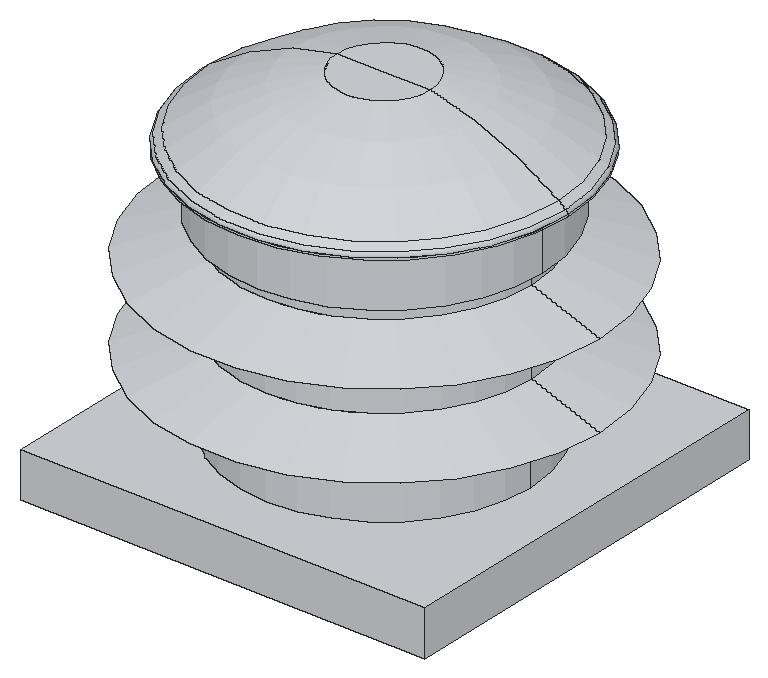
Revit family "PVVEX47-200 FULL ASSEMBLY", category Generic Models, host Face, Revit 2019
Family settings
  Host = Face
  Can host rebar = No
  Round Connector Dimension = Use Diameter
  Part Type = Normal
  Cut with Voids When Loaded = No
  Shared = No
  Room Calculation Point = No
Parameters
  Default Elevation = 48.00"
Reference planes (in)
  plane 1 "Center (Front/Back)": y = 0
  plane 2: z = 0
  plane 3 "Center (Left/Right)": x = 0
Forms (in)
  Extrusion 1, solid
    sketch origin (-69.20125, 31.17385, 0) x (1, 0, 0) y (0, 1, 0)
      loop
        line (60.20125, -22.17385) -> (60.20125, -40.17385) -> (78.20125, -40.17385) -> (78.20125, -22.17385) -> (60.20125, -22.17385)
    from 0 to 2
  Revolve 2, solid
    sketch origin (0, 0, 0) x (1, 0, 0) y (0, 0, 1)
      loop
        line (0, 2) -> (0, 16.27444) -> (-2.08175, 16.27444)
        arc (-2.08175, 16.27444) -> (-5.06058, 15.40799) -> (-7.74584, 13.85445) r 12.88076
        arc (-7.74584, 13.85445) -> (-7.90193, 13.73509) -> (-8.05618, 13.61337) r 12.88076
        arc (-8.05618, 13.61337) -> (-8.1252, 13.52649) -> (-8.14982, 13.4183) r 0.25
        line (-8.14982, 13.4183) -> (-8.14982, 13.34271) -> (-7.06477, 13.34271) -> (-7.06477, 10.73172) -> (-6.56238, 10.73172) -> (-6.56238, 10.09416) -> (-9.57727, 8.99683) -> (-6.56982, 8.99683) -> (-6.56982, 6.34695) -> (-9.57727, 5.25233) -> (-6.52982, 5.25233) -> (-6.52982, 2) -> (0, 2)
      axis (0, 16.27444) -> (0, 2)
    angle from 0 to 360
  Extrusion 3, solid
    sketch origin (-69.20125, 31.17385, 10.26) x (1, 0, 0) y (0, 1, 0)
      loop
        circle (69.20125, -31.17385) r 2
    from -13.54359 to -11.95634
  Extrusion 4, solid
    sketch origin (-69.20125, 31.17385, 10.26) x (1, 0, 0) y (0, 1, 0)
      loop
        circle (69.20125, -31.17385) r 3.5
    from -11.95634 to -10.26
Lines and regions (in)
  symbolic lines
    curve 1: line (95.99374, 156.28449, 0) -> (97.99374, 156.28449, 0)
Dimensions and locks (in)
  aligned and locked: plane 2 to host face
  aligned and locked: level to host face
Connectors (in)
  hvac at (0, 0, -1.69634)
    settings: on Extrusion 4, index 1, duct flow 0 CFM, flow factor 0, pres drop 0.00 in-wg, loss coef 0, conn angle 0.00°, conn width 12", conn height 12", conn diameter 7", duct sys type 1, conn prof type 0, flow config 0, flow direction 0, loss method 0, conn ref index -1, conn util no, is conn primary yes, conn desc ""
  hvac at (0, 0, -3.28359)
    settings: on Extrusion 3, index 3, duct flow 0 CFM, flow factor 0, pres drop 0.00 in-wg, loss coef 0, conn angle 0.00°, conn width 12", conn height 12", conn diameter 4", duct sys type 1, conn prof type 0, flow config 0, flow direction 0, loss method 0, conn ref index -1, conn util no, is conn primary no, conn desc ""
